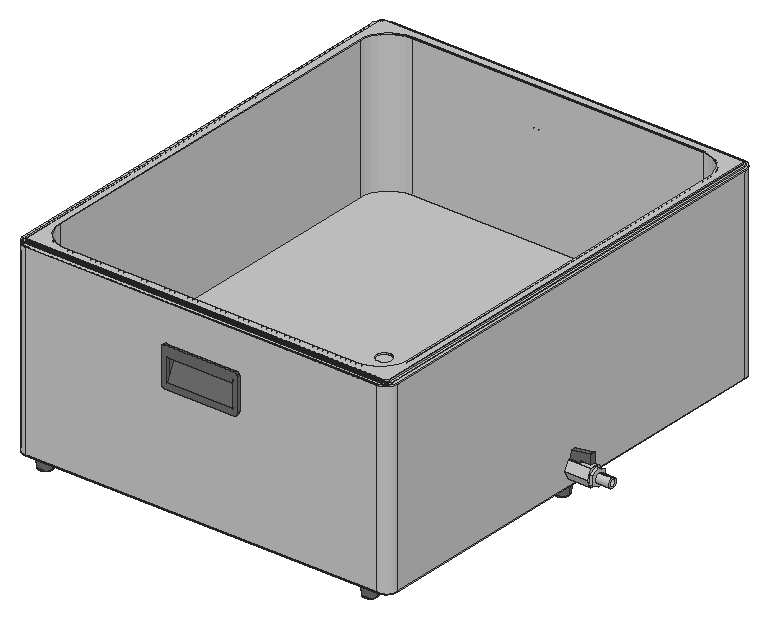
Revit family "Cuba_56_SmartVide_GENERADO", category Equipos especializados, Revit 2014
Parameters (values of type "Insulated tank (2/1 200mm) 56 l./14.8 gal.")
  Width = 660 mm
  Weight in Pounds = 29.1
  URL Cutsheet = "http://www.sammic.com/dl/436706/8d256/ps-en-1180065-isolated-tank-for-portable-sous-vide-cooker.pdf"
  URL = "https://www.sammic.com/model/1180065"
  Show Logo [instance] = yes
  Show Clearances [instance] = yes
  Revision Code = "1"
  Modelo = "1180065"
  Height = 288 mm
  Foodservice Equipment Identifier = yes
  Fabricante = "SAMMIC S.L."
  Descripción = "Insulated tank (2/1 200mm) 56 l./14.8 gal."
  Depth = 600 mm
  Comentarios de tipo = "Specially designed for SmartVide"
Types (2, lengths in mm): name | Width | URL | Modelo | Height | Fabricante | Descripción | Depth | Comentarios de tipo
  (no name) | 0 | 0 | 0 | 0 | 0 | 0 | 0 | 0
  Insulated tank (2/1 200mm) 56 l./14.8 gal. | 660 | "https://www.sammic.com/model/1180065" | "1180065" | 288 | "SAMMIC S.L." | "Insulated tank (2/1 200mm) 56 l./14.8 gal." | 600 | "Specially designed for SmartVide"
Values of the unnamed type that differ from the named types
  Weight in Pounds = 0
  URL Cutsheet = ""
  Revision Code = ""
Reference planes
  plane 1 "Centro (Frontal/Posterior)": y = 0
  plane 2: z = 0
  plane 3 "Centro (Izquierda/Derecha)": x = 0
  plane 4: y = -666
  plane 5: x = 599
Forms (mm)
  Extrusion 1, solid
    sketch origin (0, -3, 14.5) x (1, 0, 0) y (0, 1, 0)
      loop
        arc (0, -642.7) -> (5.067, -654.933) -> (17.3, -660) r 17.3
        line (17.3, -660) -> (522.7, -660)
        arc (522.7, -660) -> (534.933, -654.933) -> (540, -642.7) r 17.3
        line (540, -642.7) -> (540, -17.313)
        arc (540, -17.313) -> (534.929, -5.071) -> (522.687, 0) r 17.313
        line (522.687, 0) -> (17.3, 0)
        arc (17.3, 0) -> (5.067, -5.067) -> (0, -17.3) r 17.3
        line (0, -17.3) -> (0, -642.7)
      loop
        line (17, -643.5) -> (523, -643.5) -> (523, -16.5) -> (17, -16.5) -> (17, -643.5)
    from 269 to 270
  Extrusion 2, solid
    sketch origin (0, -3, -254.5) x (1, 0, 0) y (0, 1, 0)
      loop
        arc (0, -642.7) -> (5.067, -654.933) -> (17.3, -660) r 17.3
        line (17.3, -660) -> (522.7, -660)
        arc (522.7, -660) -> (534.933, -654.933) -> (540, -642.7) r 17.3
        line (540, -642.7) -> (540, -17.313)
        arc (540, -17.313) -> (534.929, -5.071) -> (522.687, 0) r 17.313
        line (522.687, 0) -> (17.3, 0)
        arc (17.3, 0) -> (5.067, -5.067) -> (0, -17.3) r 17.3
        line (0, -17.3) -> (0, -642.7)
      loop
        line (18.5, -641.5) -> (521.5, -641.5) -> (521.5, -18.5) -> (18.5, -18.5) -> (18.5, -641.5)
    from 269 to 270
  Extrusion 3, solid
    sketch origin (0, -3, 14.5) x (1, 0, 0) y (0, 1, 0)
      loop
        arc (1, -642.7) -> (5.774, -654.226) -> (17.3, -659) r 16.3
        line (17.3, -659) -> (522.7, -659)
        arc (522.7, -659) -> (534.226, -654.226) -> (539, -642.7) r 16.3
        line (539, -642.7) -> (539, -17.313)
        arc (539, -17.313) -> (534.222, -5.778) -> (522.687, -1) r 16.313
        line (522.687, -1) -> (17.3, -1)
        arc (17.3, -1) -> (5.774, -5.774) -> (1, -17.3) r 16.3
        line (1, -17.3) -> (1, -642.7)
      loop
        arc (17.3, 0) -> (5.067, -5.067) -> (0, -17.3) r 17.3
        line (0, -17.3) -> (0, -642.7)
        arc (0, -642.7) -> (5.067, -654.933) -> (17.3, -660) r 17.3
        line (17.3, -660) -> (522.7, -660)
        arc (522.7, -660) -> (534.933, -654.933) -> (540, -642.7) r 17.3
        line (540, -642.7) -> (540, -17.313)
        arc (540, -17.313) -> (534.929, -5.071) -> (522.687, 0) r 17.313
        line (522.687, 0) -> (17.3, 0)
    from 1 to 269
  Extrusion 4, void
    sketch origin (0, -3, 14.5) x (1, 0, 0) y (0, 0, 1)
      loop
        line (218.5, 163) -> (321.5, 163) -> (321.5, 212) -> (218.5, 212) -> (218.5, 163)
    from 0 to 1
  Extrusion 5, void
    sketch origin (0, -662, 14.5) x (1, 0, 0) y (0, 0, 1)
      loop
        line (218.5, 163) -> (321.5, 163) -> (321.5, 212) -> (218.5, 212) -> (218.5, 163)
    from 0 to 1
  Extrusion 6, void
    sketch origin (0, -3, 14.5) x (0, 1, 0) y (0, 0, 1)
      loop
        circle (-330, 24) r 11
    from 539 to 540
Cuts and joins
  Extrusion 4, Extrusion 5, Extrusion 6 cuts Extrusion 3
Lines and regions (mm)
  symbolic lines, style "200-EquipBorder-2D"
    curve 1: arc (0, -20.3, 0) -> (5.067, -8.067, 0) -> (17.3, -3, 0) r 17.3
    curve 2: line (17.3, -3, 0) -> (215.1, -3, 0)
    curve 3: line (215.1, -3, 0) -> (215.1, 0, 0)
    curve 4: line (215.1, 0, 0) -> (324.9, 0, 0)
    curve 5: line (324.9, 0, 0) -> (324.9, -3, 0)
    curve 6: line (324.9, -3, 0) -> (522.687, -3, 0)
    curve 7: arc (522.687, -3, 0) -> (534.929, -8.071, 0) -> (540, -20.313, 0) r 17.313
    curve 8: line (540, -20.313, 0) -> (540, -322.5, 0)
    curve 9: line (540, -322.5, 0) -> (541, -322.5, 0)
    curve 10: line (541, -322.5, 0) -> (541, -319.15, 0)
    curve 11: line (541, -319.15, 0) -> (574, -319.15, 0)
    curve 12: line (574, -319.15, 0) -> (574, -322.007, 0)
    curve 13: line (574, -322.007, 0) -> (579, -322.007, 0)
    curve 14: line (579, -322.007, 0) -> (579, -326.506, 0)
    curve 15: line (579, -326.506, 0) -> (599, -326.506, 0)
    curve 16: line (599, -326.506, 0) -> (599, -339.507, 0)
    curve 17: line (599, -339.507, 0) -> (579, -339.507, 0)
    curve 18: line (579, -339.507, 0) -> (579, -344.007, 0)
    curve 19: line (579, -344.007, 0) -> (574, -344.007, 0)
    curve 20: line (574, -344.007, 0) -> (574, -346.863, 0)
    curve 21: line (574, -346.863, 0) -> (541, -346.863, 0)
    curve 22: line (541, -346.863, 0) -> (541, -343.507, 0)
    curve 23: line (541, -343.507, 0) -> (540, -343.507, 0)
    curve 24: line (540, -343.507, 0) -> (540, -645.7, 0)
    curve 25: arc (540, -645.7, 0) -> (534.933, -657.933, 0) -> (522.7, -663, 0) r 17.3
    curve 26: line (522.7, -663, 0) -> (324.9, -663, 0)
    curve 27: line (324.9, -663, 0) -> (324.9, -666, 0)
    curve 28: line (324.9, -666, 0) -> (215.1, -666, 0)
    curve 29: line (215.1, -666, 0) -> (215.1, -663, 0)
    curve 30: line (215.1, -663, 0) -> (17.3, -663, 0)
    curve 31: arc (17.3, -663, 0) -> (5.067, -657.933, 0) -> (0, -645.7, 0) r 17.3
    curve 32: line (0, -645.7, 0) -> (0, -20.3, 0)
Dimensions and locks
  aligned and locked: level to plane 2
Nested families
  nested 1: "Base_Cuba-56" at (0, -3, 14.5), type "Base_Cuba-56"
    with Show Logo yes, Show Clearances yes
  nested 2: "Cuba_Cuba-56" at (0, -3, 14.5), type "Cuba_Cuba-56"
    with Show Logo yes, Show Clearances yes
  nested 3: "Salida_Agua" at (529, -333.007, 38.5) x (0, 1, 0) z (0, 0, 1), type "Salida_Agua"
    with Show Logo yes, Show Clearances yes
  nested 4: "Maneta_Cuba" at (270, -666, 202), type "Maneta_Cuba"
    with Show Logo yes, Show Clearances yes
  nested 5: "Maneta_Cuba" at (270, 0, 202) x (-1, 0, 0) z (0, 0, 1), type "Maneta_Cuba"
    with Show Logo yes, Show Clearances yes
  nested 6: "Pies_de_Goma" at (35.75, -15.462, 0), type "Pies_de_Goma"
    with Show Logo yes, Show Clearances yes
  nested 7: "Pies_de_Goma" at (504.25, -15.488, 0), type "Pies_de_Goma"
    with Show Logo yes, Show Clearances yes
  nested 8: "Pies_de_Goma" at (527, -333.474, 0), type "Pies_de_Goma"
    with Show Logo yes, Show Clearances yes
  nested 9: "Pies_de_Goma" at (504.25, -650.541, 0), type "Pies_de_Goma"
    with Show Logo yes, Show Clearances yes
  nested 10: "Pies_de_Goma" at (35.75, -650.503, 0), type "Pies_de_Goma"
    with Show Logo yes, Show Clearances yes
  nested 11: "Pies_de_Goma" at (13, -333.542, 0), type "Pies_de_Goma"
    with Show Logo yes, Show Clearances yes
Connectors
  piping at (599, -333.007, 38.5), diameter 13
    settings: on nested 3, index 1, connector inside diameter 609.6 mm, connector length 0 mm, flow factor 0, pipe flow 0.0 L/s, pressure drop 0.0 Pa, fitting loss kfactor 0, connector angle 0.00°, fixture units 0, engagement length 0 mm, angle of deflection 0.00°, flow configuration 1, flow direction 2, fitting loss method 0, system type 7, joint type 0, gender type 0, connector reference index -1, connector utility 0, adjustable connector no, is connector primary yes, connector description "Conexion agua"
Definition of nested family "Base_Cuba-56"
  Parameters (values of type "Base_Cuba-56")
    Show Logo [instance] = yes
    Show Clearances [instance] = yes
  Reference planes
    plane 1 "Centro (Frontal/Posterior)": y = 0
    plane 2: z = 0
    plane 3 "Centro (Izquierda/Derecha)": x = 0
  Forms (mm)
    Extrusion 1, solid
      sketch origin (0, 0, -1) x (1, 0, 0) y (0, 1, 0)
        loop
          arc (23.5, -2.5) -> (9.358, -8.358) -> (3.5, -22.5) r 20
          line (3.5, -22.5) -> (3.5, -637.5)
          arc (3.5, -637.5) -> (9.358, -651.642) -> (23.5, -657.5) r 20
          line (23.5, -657.5) -> (516.5, -657.5)
          arc (516.5, -657.5) -> (530.642, -651.642) -> (536.5, -637.5) r 20
          line (536.5, -637.5) -> (536.5, -22.5)
          arc (536.5, -22.5) -> (530.642, -8.358) -> (516.5, -2.5) r 20
          line (516.5, -2.5) -> (23.5, -2.5)
        loop
          arc (31.75, -13.5) -> (35.75, -17.5) -> (39.75, -13.5) r 4
          line (39.75, -13.5) -> (39.75, -11.5)
          arc (39.75, -11.5) -> (35.75, -7.5) -> (31.75, -11.5) r 4
          line (31.75, -11.5) -> (31.75, -13.5)
        loop
          arc (508.25, -11.5) -> (504.25, -7.5) -> (500.25, -11.5) r 4
          line (500.25, -11.5) -> (500.25, -13.5)
          arc (500.25, -13.5) -> (504.25, -17.5) -> (508.25, -13.5) r 4
          line (508.25, -13.5) -> (508.25, -11.5)
        loop
          arc (31.75, -648.5) -> (35.75, -652.5) -> (39.75, -648.5) r 4
          line (39.75, -648.5) -> (39.75, -646.5)
          arc (39.75, -646.5) -> (35.75, -642.5) -> (31.75, -646.5) r 4
          line (31.75, -646.5) -> (31.75, -648.5)
        loop
          arc (508.25, -646.5) -> (504.25, -642.5) -> (500.25, -646.5) r 4
          line (500.25, -646.5) -> (500.25, -648.5)
          arc (500.25, -648.5) -> (504.25, -652.5) -> (508.25, -648.5) r 4
          line (508.25, -648.5) -> (508.25, -646.5)
        loop
          arc (531, -329.5) -> (527, -325.5) -> (523, -329.5) r 4
          line (523, -329.5) -> (523, -331.5)
          arc (523, -331.5) -> (527, -335.5) -> (531, -331.5) r 4
          line (531, -331.5) -> (531, -329.5)
        loop
          arc (17, -329.5) -> (13, -325.5) -> (9, -329.5) r 4
          line (9, -329.5) -> (9, -331.5)
          arc (9, -331.5) -> (13, -335.5) -> (17, -331.5) r 4
          line (17, -331.5) -> (17, -329.5)
      from 1 to 0
  Dimensions and locks
    aligned and locked: level to plane 2
Definition of nested family "Cuba_Cuba-56"
  Parameters (values of type "Cuba_Cuba-56")
    Show Logo [instance] = yes
    Show Clearances [instance] = yes
  Reference planes
    plane 1 "Centro (Frontal/Posterior)": y = 0
    plane 2: z = 0
    plane 3 "Centro (Izquierda/Derecha)": x = 0
    plane 4: z = 1
  Forms (mm)
    Extrusion 1, solid
      sketch origin (0, 0, 0) x (1, 0, 0) y (0, 1, 0)
        loop
          arc (18.5, -600) -> (30.802, -629.698) -> (60.5, -642) r 42
          line (60.5, -642) -> (479.5, -642)
          arc (479.5, -642) -> (509.198, -629.698) -> (521.5, -600) r 42
          line (521.5, -600) -> (521.5, -60)
          arc (521.5, -60) -> (509.198, -30.302) -> (479.5, -18) r 42
          line (479.5, -18) -> (60.5, -18)
          arc (60.5, -18) -> (30.802, -30.302) -> (18.5, -60) r 42
          line (18.5, -60) -> (18.5, -600)
        loop
          arc (528.723, -651.723) -> (530.844, -650.844) -> (531.723, -648.723) r 3
          line (531.723, -648.723) -> (531.723, -11.277)
          arc (531.723, -11.277) -> (530.844, -9.156) -> (528.723, -8.277) r 3
          line (528.723, -8.277) -> (11.277, -8.277)
          arc (11.277, -8.277) -> (9.156, -9.156) -> (8.277, -11.277) r 3
          line (8.277, -11.277) -> (8.277, -648.723)
          arc (8.277, -648.723) -> (9.156, -650.844) -> (11.277, -651.723) r 3
          line (11.277, -651.723) -> (528.723, -651.723)
      from 273 to 274
    Extrusion 2, solid
      sketch origin (0, 0, 0) x (1, 0, 0) y (0, 1, 0)
        loop
          arc (528.723, -650.723) -> (530.137, -650.137) -> (530.723, -648.723) r 2
          line (530.723, -648.723) -> (530.723, -11.277)
          arc (530.723, -11.277) -> (530.137, -9.863) -> (528.723, -9.277) r 2
          line (528.723, -9.277) -> (11.277, -9.277)
          arc (11.277, -9.277) -> (9.863, -9.863) -> (9.277, -11.277) r 2
          line (9.277, -11.277) -> (9.277, -648.723)
          arc (9.277, -648.723) -> (9.863, -650.137) -> (11.277, -650.723) r 2
          line (11.277, -650.723) -> (528.723, -650.723)
        loop
          line (5, -13) -> (5, -649)
          arc (5, -649) -> (6.757, -653.243) -> (11, -655) r 6
          line (11, -655) -> (528, -655)
          arc (528, -655) -> (532.95, -652.95) -> (535, -648) r 7
          line (535, -648) -> (535, -13)
          arc (535, -13) -> (532.657, -7.343) -> (527, -5) r 8
          line (527, -5) -> (13, -5)
          arc (13, -5) -> (7.343, -7.343) -> (5, -13) r 8
      from 270 to 271
    Extrusion 3, solid
      sketch origin (0, 0, 0) x (1, 0, 0) y (0, 1, 0)
        loop
          arc (8.277, -648.723) -> (9.156, -650.844) -> (11.277, -651.723) r 3
          line (11.277, -651.723) -> (528.723, -651.723)
          arc (528.723, -651.723) -> (530.844, -650.844) -> (531.723, -648.723) r 3
          line (531.723, -648.723) -> (531.723, -11.277)
          arc (531.723, -11.277) -> (530.844, -9.156) -> (528.723, -8.277) r 3
          line (528.723, -8.277) -> (11.277, -8.277)
          arc (11.277, -8.277) -> (9.156, -9.156) -> (8.277, -11.277) r 3
          line (8.277, -11.277) -> (8.277, -648.723)
        loop
          arc (528.723, -650.723) -> (530.137, -650.137) -> (530.723, -648.723) r 2
          line (530.723, -648.723) -> (530.723, -11.277)
          arc (530.723, -11.277) -> (530.137, -9.863) -> (528.723, -9.277) r 2
          line (528.723, -9.277) -> (11.277, -9.277)
          arc (11.277, -9.277) -> (9.863, -9.863) -> (9.277, -11.277) r 2
          line (9.277, -11.277) -> (9.277, -648.723)
          arc (9.277, -648.723) -> (9.863, -650.137) -> (11.277, -650.723) r 2
          line (11.277, -650.723) -> (528.723, -650.723)
      from 271 to 273
    Extrusion 4, solid
      sketch origin (0, 0, 0) x (1, 0, 0) y (0, 1, 0)
        loop
          line (17, -60) -> (17, -600)
          arc (17, -600) -> (29.741, -630.759) -> (60.5, -643.5) r 43.5
          line (60.5, -643.5) -> (479.5, -643.5)
          arc (479.5, -643.5) -> (510.259, -630.759) -> (523, -600) r 43.5
          line (523, -600) -> (523, -60)
          arc (523, -60) -> (510.259, -29.241) -> (479.5, -16.5) r 43.5
          line (479.5, -16.5) -> (60.5, -16.5)
          arc (60.5, -16.5) -> (29.741, -29.241) -> (17, -60) r 43.5
        loop
          circle (270, -330) r 11
      from 69 to 70
    Extrusion 5, solid
      sketch origin (0, 0, 0) x (1, 0, 0) y (0, 1, 0)
        loop
          line (17, -60) -> (17, -600)
          arc (17, -600) -> (29.741, -630.759) -> (60.5, -643.5) r 43.5
          line (60.5, -643.5) -> (479.5, -643.5)
          arc (479.5, -643.5) -> (510.259, -630.759) -> (523, -600) r 43.5
          line (523, -600) -> (523, -60)
          arc (523, -60) -> (510.259, -29.241) -> (479.5, -16.5) r 43.5
          line (479.5, -16.5) -> (60.5, -16.5)
          arc (60.5, -16.5) -> (29.741, -29.241) -> (17, -60) r 43.5
        loop
          line (60.5, -642) -> (479.5, -642)
          arc (479.5, -642) -> (509.198, -629.698) -> (521.5, -600) r 42
          line (521.5, -600) -> (521.5, -60)
          arc (521.5, -60) -> (509.198, -30.302) -> (479.5, -18) r 42
          line (479.5, -18) -> (60.5, -18)
          arc (60.5, -18) -> (30.802, -30.302) -> (18.5, -60) r 42
          line (18.5, -60) -> (18.5, -600)
          arc (18.5, -600) -> (30.802, -629.698) -> (60.5, -642) r 42
      from 70 to 273
  Dimensions and locks
    aligned and locked: level to plane 2
Definition of nested family "Salida_Agua"
  Parameters (values of type "Salida_Agua")
    Show Logo [instance] = yes
    Show Clearances [instance] = yes
  Reference planes
    plane 1 "Centro (Frontal/Posterior)": y = 0
    plane 2: z = 0
    plane 3 "Centro (Izquierda/Derecha)": x = 0
    plane 4: z = 5
  Forms (mm)
    Extrusion 1, solid
      sketch origin (0, 0, 0) x (1, 0, 0) y (0, 0, 1)
        loop
          line (-13.856, 0) -> (-6.928, -12) -> (6.928, -12) -> (13.856, 0) -> (6.928, 12) -> (-6.928, 12) -> (-13.856, 0)
        loop
          circle (0, 0) r 4.5
      from 12 to 45
    Extrusion 2, solid
      sketch origin (0, 0, 0) x (1, 0, 0) y (0, 0, 1)
        loop
          line (-11, -6.351) -> (0, -12.702) -> (11, -6.351) -> (11, 6.351) -> (0, 12.702) -> (-11, 6.351) -> (-11, -6.351)
        loop
          circle (0, 0) r 5
      from 45 to 50
    Revolve 3, solid
      sketch origin (0, 0, 0) x (0, 1, 0) y (0, 0, 1)
        loop
          line (-50, 5) -> (-50, 6.5) -> (-70, 6.5) -> (-70, 5) -> (-50, 5)
        axis (-50, 0) -> (-70, 0)
      angle from 0 to 360
    Revolve 4, solid
      sketch origin (0, 0, 0) x (0, 1, 0) y (0, 0, 1)
        loop
          line (-12, 10.5) -> (-12, 7.5) -> (0, 7.5) -> (0, 9.5) -> (-1, 10.5) -> (-12, 10.5)
        axis (0, 0) -> (-12, 0)
      angle from 0 to 360
    Extrusion 5, solid
      sketch origin (0, 0, 0) x (0, 1, 0) y (0, 0, 1)
        loop
          arc (-13.882, 23.791) -> (-14.163, 24.336) -> (-14.71, 24.614) r 1
          line (-14.71, 24.614) -> (-40.841, 28.814)
          arc (-40.841, 28.814) -> (-41.649, 28.588) -> (-42, 27.826) r 1
          line (-42, 27.826) -> (-42, 15) -> (-27, 15) -> (-27, 12.5) -> (-12, 12.5) -> (-13.882, 23.791)
      from -3.5 to 3.5
  Dimensions and locks
    aligned and locked: level to plane 2
Definition of nested family "Maneta_Cuba"
  Parameters (values of type "Maneta_Cuba")
    Show Logo [instance] = yes
    Show Clearances [instance] = yes
  Reference planes
    plane 1 "Centro (Frontal/Posterior)": y = 0
    plane 2: z = 0
    plane 3 "Centro (Izquierda/Derecha)": x = 0
  Forms (mm)
    Extrusion 1, solid
      sketch origin (0, 3, 0) x (1, 0, 0) y (0, 0, 1)
        loop
          arc (-49.9, 28.4) -> (-53.436, 26.936) -> (-54.9, 23.4) r 5
          line (-54.9, 23.4) -> (-54.9, -23.4)
          arc (-54.9, -23.4) -> (-53.436, -26.936) -> (-49.9, -28.4) r 5
          line (-49.9, -28.4) -> (49.9, -28.4)
          arc (49.9, -28.4) -> (53.436, -26.936) -> (54.9, -23.4) r 5
          line (54.9, -23.4) -> (54.9, 23.4)
          arc (54.9, 23.4) -> (53.436, 26.936) -> (49.9, 28.4) r 5
          line (49.9, 28.4) -> (-49.9, 28.4)
        loop
          line (-47.4, 13.4) -> (-47.4, -20.417) -> (47.4, -20.417) -> (47.4, 13.4) -> (-47.4, 13.4)
      from 0 to 3
    Extrusion 2, solid
      sketch origin (0, 3, 0) x (0, 1, 0) y (0, 0, 1)
        loop
          arc (6.133, 21.485) -> (9.544, 22.794) -> (12.799, 21.136) r 4.491
          line (12.799, 21.136) -> (12.799, 16.717)
          arc (12.799, 16.717) -> (12.47, 13.699) -> (11.498, 10.823) r 14
          line (11.498, 10.823) -> (-3, -20.417) -> (-0.354, -20.417) -> (13.899, 10.296)
          arc (13.899, 10.296) -> (14.871, 13.172) -> (15.2, 16.189) r 14
          line (15.2, 16.189) -> (15.2, 21.373)
          arc (15.2, 21.373) -> (14.199, 24.375) -> (11.596, 26.174) r 5
          arc (11.596, 26.174) -> (6.292, 25.924) -> (2.256, 22.475) r 8.191
          line (2.256, 22.475) -> (0, 22.475) -> (-1.951, 13.4) -> (6.133, 21.485)
      from -47.4 to 47.4
    Extrusion 3, solid
      sketch origin (0, 3, 0) x (0, 1, 0) y (0, 0, 1)
        loop
          line (2.256, 22.475) -> (0, 22.475) -> (0, -19.654) -> (13.899, 10.296)
          arc (13.899, 10.296) -> (14.871, 13.172) -> (15.2, 16.189) r 14
          line (15.2, 16.189) -> (15.2, 21.373)
          arc (15.2, 21.373) -> (14.199, 24.375) -> (11.596, 26.174) r 5
          arc (11.596, 26.174) -> (6.292, 25.924) -> (2.256, 22.475) r 8.191
      from -51.5 to -47.4
    Extrusion 4, solid
      sketch origin (98.9, 3, 0) x (0, 1, 0) y (0, 0, 1)
        loop
          line (2.256, 22.475) -> (0, 22.475) -> (0, -19.654) -> (13.899, 10.296)
          arc (13.899, 10.296) -> (14.871, 13.172) -> (15.2, 16.189) r 14
          line (15.2, 16.189) -> (15.2, 21.373)
          arc (15.2, 21.373) -> (14.199, 24.375) -> (11.596, 26.174) r 5
          arc (11.596, 26.174) -> (6.292, 25.924) -> (2.256, 22.475) r 8.191
      from -51.5 to -47.4
  Dimensions and locks
    aligned and locked: level to plane 2
Definition of nested family "Pies_de_Goma"
  Parameters (values of type "Pies_de_Goma")
    Show Logo [instance] = yes
    Show Clearances [instance] = yes
  Reference planes
    plane 1 "Centro (Frontal/Posterior)": y = 0
    plane 2: z = 0
    plane 3 "Centro (Izquierda/Derecha)": x = 0
  Forms (mm)
    Revolve 1, solid
      sketch origin (0, 0, 0) x (1, 0, 0) y (0, 0, 1)
        loop
          line (0, 13.5) -> (-11.5, 13.5) -> (-10.185, 1.777)
          arc (-10.185, 1.777) -> (-9.531, 0.509) -> (-8.198, 0) r 2
          line (-8.198, 0) -> (0, 0) -> (0, 13.5)
        axis (0, 13.5) -> (0, 0)
      angle from 0 to 360
  Dimensions and locks
    aligned and locked: level to plane 2
